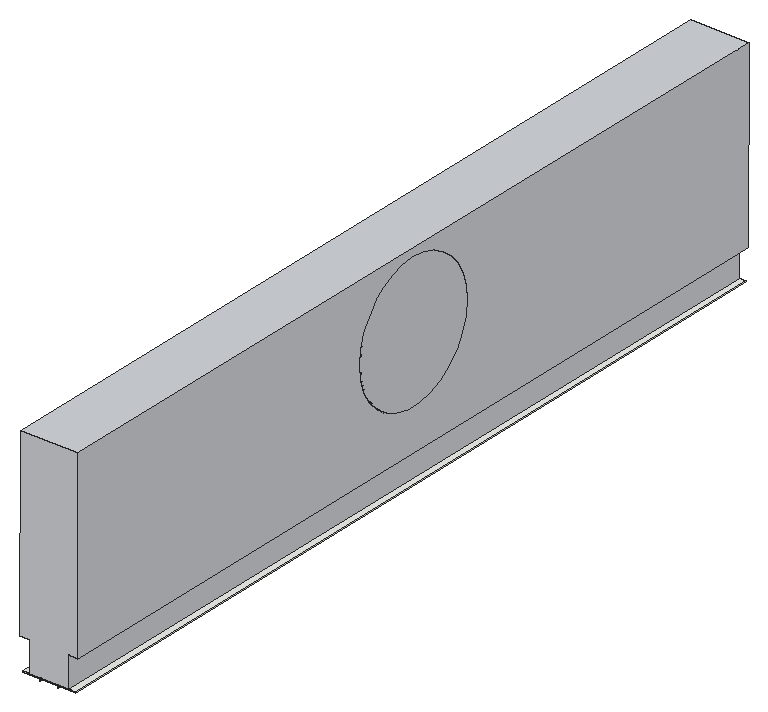
Revit family "MADEL_DIFFUSER_HIDDEN LINEAR_LOOK-CM+PLOK-CM (1.D1)_0", category Air Terminals, Revit 2015
Parameters (values of type "LOOK-CM+PLOK-CM 20x1000")
  n_factor = 27.054
  m_factor = 1.9026
  c_factor = 7.2288
  b_factor = -0.14546
  Vmin = 2.5 m/s  # constant formula
  Vmed = 3.5 m/s  # constant formula
  Vmax = 4.5 m/s  # constant formula
  V[m/s] [instance] = Q / Afree / 1.0 m/s  # 3.5
  URL = "http://www.madel.com/en/producto/look-hidden-linear-diffusers/"
  Standard = "UNE 23-727 M2/ NFP 92-501 M2/ DIN 4102 M2"  # constant formula
  Revit Version = "Revit 2015 - English"  # constant formula
  Review Date = "11/2016"  # constant formula
  RAL [instance] = ""
  R9010 [instance] = no
  R9005 [instance] = no
  R1 = D_Connector / 2  # 80.0 mm
  R [instance] = yes
  Q_conector [instance] = Q / 1  # 170.1 m³/h
  Q [instance] = 170.1 m³/h
  Product Type [instance] = Model  # "LOOK-CM+PLOK-CM 20x1000"
  Product Size = "20x1000"
  Product Reference [instance] = if(R, if(AIS, if(Nº Options = 4, if([(D)], if(AR, "LOOK-CM-AR+PLOK-CM-AIS-R (D)", if(ARD, "LOOK-CM-ARD+PLOK-CM-AIS-R (D)", if(INT, "LOOK-CM-INT+PLOK-CM-AIS-R (D)", if(ARI, "LOOK-CM-ARI+PLOK-CM-AIS-R (D)", "Consult Manufacturer")))), if([(PM)], if(AR, "LOOK-CM-AR+PLOK-CM-AIS-R (PM)", if(ARD, "LOOK-CM-ARD+PLOK-CM-AIS-R (PM)", if(INT, "LOOK-CM-INT+PLOK-CM-AIS-R (PM)", if(ARI, "LOOK-CM-ARI+PLOK-CM-AIS-R (PM)", "Consult Manufacturer")))), "Consult Manufacturer")), if(Nº Options = 3, if(AR, "LOOK-CM-AR+PLOK-CM-AIS-R", if(ARD, "LOOK-CM-ARD+PLOK-CM-AIS-R", if(INT, "LOOK-CM-INT+PLOK-CM-AIS-R", if(ARI, "LOOK-CM-ARI+PLOK-CM-AIS-R", "Consult Manufacturer")))), if(Nº Options = 2, "LOOK-CM+PLOK-CM-AIS-R", "Consult Manufacturer"))), if(Nº Options = 3, if([(D)], if(AR, "LOOK-CM-AR+PLOK-CM-R (D)", if(ARD, "LOOK-CM-ARD+PLOK-CM-R (D)", if(INT, "LOOK-CM-INT+PLOK-CM-R (D)", if(ARI, "LOOK-CM-ARI+PLOK-CM-R (D)", "Consult Manufacturer")))), if([(PM)], if(AR, "LOOK-CM-AR+PLOK-CM-R (PM)", if(ARD, "LOOK-CM-ARD+PLOK-CM-R (PM)", if(INT, "LOOK-CM-INT+PLOK-CM-R (PM)", if(ARI, "LOOK-CM-ARI+PLOK-CM-R (PM)", "Consult Manufacturer")))), "Consult Manufacturer")), if(Nº Options = 2, if(AR, "LOOK-CM-AR+PLOK-CM-R", if(ARD, "LOOK-CM-ARD+PLOK-CM-R", if(INT, "LOOK-CM-INT+PLOK-CM-R", if(ARI, "LOOK-CM-ARI+PLOK-CM-R", "Consult Manufacturer")))), if(Nº Options = 1, "LOOK-CM+PLOK-CM-R", "Consult Manufacturer")))), if(AIS, if(Nº Options = 3, if([(D)], if(AR, "LOOK-CM-AR+PLOK-CM-AIS (D)", if(ARD, "LOOK-CM-ARD+PLOK-CM-AIS (D)", if(INT, "LOOK-CM-INT+PLOK-CM-AIS (D)", if(ARI, "LOOK-CM-ARI+PLOK-CM-AIS (D)", "Consult Manufacturer")))), if([(PM)], if(AR, "LOOK-CM-AR+PLOK-CM-AIS (PM)", if(ARD, "LOOK-CM-ARD+PLOK-CM-AIS (PM)", if(INT, "LOOK-CM-INT+PLOK-CM-AIS (PM)", if(ARI, "LOOK-CM-ARI+PLOK-CM-AIS (PM)", "Consult Manufacturer")))), "Consult Manufacturer")), if(Nº Options = 2, if(AR, "LOOK-CM-AR+PLOK-CM-AIS", if(ARD, "LOOK-CM-ARD+PLOK-CM-AIS", if(INT, "LOOK-CM-INT+PLOK-CM-AIS", if(ARI, "LOOK-CM-ARI+PLOK-CM-AIS", "Consult Manufacturer")))), if(Nº Options = 1, "LOOK-CM+PLOK-CM-AIS", "Consult Manufacturer"))), if(Nº Options = 2, if([(D)], if(AR, "LOOK-CM-AR+PLOK-CM (D)", if(ARD, "LOOK-CM-ARD+PLOK-CM (D)", if(INT, "LOOK-CM-INT+PLOK-CM (D)", if(ARI, "LOOK-CM-ARI+PLOK-CM (D)", "Consult Manufacturer")))), if([(PM)], if(AR, "LOOK-CM-AR+PLOK-CM (PM)", if(ARD, "LOOK-CM-ARD+PLOK-CM (PM)", if(INT, "LOOK-CM-INT+PLOK-CM (PM)", if(ARI, "LOOK-CM-ARI+PLOK-CM (PM)", "Consult Manufacturer")))), "Consult Manufacturer")), if(Nº Options = 1, if(AR, "LOOK-CM-AR+PLOK-CM", if(ARD, "LOOK-CM-ARD+PLOK-CM", if(INT, "LOOK-CM-INT+PLOK-CM", if(ARI, "LOOK-CM-ARI+PLOK-CM", "Consult Manufacturer")))), if(Nº Options = 0, "LOOK-CM+PLOK-CM", "Consult Manufacturer")))))  # "LOOK-CM-AR+PLOK-CM-AIS-R"
  Plenum Connection Type = "Lateral"  # constant formula
  PLOK [instance] = 1 = 1  # yes
  Nº Plenum Connections = 1  # constant formula
  Nº Options [instance] = if(AR, 1, 0) + if(ARD, 1, 0) + if(INT, 1, 0) + if(ARI, 1, 0) + if(R, 1, 0) + if(AIS, 1, 0) + if([(D)], 1, 0) + if([(PM)], 1, 0)  # 3
  Nº Finishes [instance] = if(R9005, 1, 0) + if(R9010, 1, 0) + if(M9016, 1, 0)  # 1
  N = 69.0 mm
  Model = "LOOK-CM+PLOK-CM 20x1000"
  Material and finishes [instance] = if(and(R9005, Nº Finishes = 1), "R9005", if(and(R9010, Nº Finishes = 1), "R9010", if(and(M9016, Nº Finishes = 1), "M9016", if(Nº Finishes = 0, "Custom RAL", "Consult Manufacturer"))))  # "M9016"
  Material Plenum Box = none
  Material Difusser = MADEL_M9016
  Material Blades = MADEL_Negro Hueco
  M9016 [instance] = yes
  Lw (dB(A)) [instance] = n_factor * (log([V[m/s]]) / log(2.7183)) + c_factor  # 41.121
  L1 = L / 2  # 500.0 mm
  L = 1000.0 mm
  Type Image = <None>
  IfcExportType = "IfcAirTerminalType"  # constant formula
  IfcExportAs = "IfcAirTerminalType"  # constant formula
  INT [instance] = no
  H = 256.0 mm
  G_material = 1.2 mm
  G1 = 20.9 mm
  G = 34.8 mm
  Min Flow = Vmin * Afree  # 121.5 m³/h
  Max Flow = Vmax * Afree  # 218.7 m³/h
  Manufacturer = "MADEL"  # constant formula
  Family Version = "2.0"  # constant formula
  F = 36.0 mm
  E = 63.5 mm
  Description = "MADEL_Hidden linear diffusers"  # constant formula
  D_Connector = D1 + 2.0 mm  # 160.0 mm
  DPt [instance] = (10 ^ (log([V[m/s]]) * m_factor + b_factor)) * 1.0 Pa  # 7.75651 Pa
  D1 = 158.0 mm
  Type Comments = "The LOOK hidden linear diffusers are designed to combine the aesthetics with the technical performance. They can be mounted in false ceilings hiding the frame with filler and leaving visible only the slot. They allow the formation of diffuser continuous lines, with active and inactive areas, without breaking the uniformity of the whole."  # constant formula
  Created by = "BIMETRICAL"  # constant formula
  C = 47.0 mm
  BIMETRICAL Category = "AirTerminal"  # constant formula
  BIMETRICAL = "http://www.bimetrical.com"  # constant formula
  B = 20.0 mm
  Afree_factor = 0.0135 m²
  Afree = Afree_factor * L / 1000.0 mm  # 0.0135 m²
  ARI [instance] = no
  ARD [instance] = no
  AR [instance] = if(or(ARD, ARI, INT), 1 = 0, 1 = 1)  # yes
  AIS [instance] = yes
  A = 55.0 mm
  (PM) [instance] = no
  (D) [instance] = no
Types (8, lengths in mm): name | n_factor | m_factor | c_factor | b_factor | Q_conector | Q | Product Type | Product Size | N | Model | Lw (dB(A)) | L1 | L | H | G | Min Flow | Max Flow | F | E | DPt | C | B | Afree_factor | Afree | A
  LOOK-CM+PLOK-CM 20x500 | 27.054 | 1.9026 | 7.2288 | -0.14546 | 85.05 m³/h | 85.05 m³/h | "LOOK-CM+PLOK-CM 20x500" | "20x500" | 69.0 | "LOOK-CM+PLOK-CM 20x500" | 41.121 | 250.0 | 500.0 | 256.0 | 38.2 | 60.75 m³/h | 109.35 m³/h | 36.0 | 63.5 | 7.75651 Pa | 47.0 | 20.0 | 0.0135 m² | 0.00675 m² | 55.0
  LOOK-CM+PLOK-CM 30x500 | 28.103 | 1.8538 | 4.5734 | 0.14092 | 125.37 m³/h | 125.37 m³/h | "LOOK-CM+PLOK-CM 30x500" | "30x500" | 98.0 | "LOOK-CM+PLOK-CM 30x500" | 39.7798 | 250.0 | 500.0 | 256.0 | 45.2 | 89.55 m³/h | 161.19 m³/h | 42.0 | 97.3 | 14.1097 Pa | 76.0 | 30.0 | 0.0199 m² | 0.00995 m² | 84.0
  LOOK-CM+PLOK-CM 40x500 | 30.365 | 1.899 | 0.3225 | 0.36284 | 140.49 m³/h | 140.49 m³/h | "LOOK-CM+PLOK-CM 40x500" | "40x500" | 108.0 | "LOOK-CM+PLOK-CM 40x500" | 38.3626 | 250.0 | 500.0 | 256.0 | 45.2 | 100.35 m³/h | 180.63 m³/h | 42.0 | 107.3 | 24.8905 Pa | 86.0 | 40.0 | 0.0223 m² | 0.01115 m² | 94.0
  LOOK-CM+PLOK-CM 40x1000 | 30.365 | 1.899 | 0.3225 | 0.36284 | 280.98 m³/h | 280.98 m³/h | "LOOK-CM+PLOK-CM 40x1000" | "40x1000" | 108.0 | "LOOK-CM+PLOK-CM 40x1000" | 38.3626 | 500.0 | 1000.0 | 296.0 | 45.2 | 200.7 m³/h | 361.26 m³/h | 42.0 | 107.3 | 24.8905 Pa | 86.0 | 40.0 | 0.0223 m² | 0.0223 m² | 94.0
  LOOK-CM+PLOK-CM 20x1000 | 27.054 | 1.9026 | 7.2288 | -0.14546 | 170.1 m³/h | 170.1 m³/h | "LOOK-CM+PLOK-CM 20x1000" | "20x1000" | 69.0 | "LOOK-CM+PLOK-CM 20x1000" | 41.121 | 500.0 | 1000.0 | 256.0 | 34.8 | 121.5 m³/h | 218.7 m³/h | 36.0 | 63.5 | 7.75651 Pa | 47.0 | 20.0 | 0.0135 m² | 0.0135 m² | 55.0
  LOOK-CM+PLOK-CM 20x1500 | 27.054 | 1.9026 | 7.2288 | -0.14546 | 255.15 m³/h | 255.15 m³/h | "LOOK-CM+PLOK-CM 20x1500" | "20x1500" | 69.0 | "LOOK-CM+PLOK-CM 20x1500" | 41.121 | 750.0 | 1500.0 | 256.0 | 38.2 | 182.25 m³/h | 328.05 m³/h | 36.0 | 63.5 | 7.75651 Pa | 47.0 | 20.0 | 0.0135 m² | 0.02025 m² | 55.0
  LOOK-CM+PLOK-CM 30x1000 | 28.103 | 1.8538 | 4.5734 | 0.14092 | 250.74 m³/h | 250.74 m³/h | "LOOK-CM+PLOK-CM 30x1000" | "30x1000" | 98.0 | "LOOK-CM+PLOK-CM 30x1000" | 39.7798 | 500.0 | 1000.0 | 256.0 | 45.2 | 179.1 m³/h | 322.38 m³/h | 42.0 | 97.3 | 14.1097 Pa | 76.0 | 30.0 | 0.0199 m² | 0.0199 m² | 84.0
  LOOK-CM+PLOK-CM 30x1500 | 28.103 | 1.8538 | 4.5734 | 0.14092 | 376.11 m³/h | 376.11 m³/h | "LOOK-CM+PLOK-CM 30x1500" | "30x1500" | 98.0 | "LOOK-CM+PLOK-CM 30x1500" | 39.7798 | 750.0 | 1500.0 | 256.0 | 45.2 | 268.65 m³/h | 483.57 m³/h | 42.0 | 97.3 | 14.1097 Pa | 76.0 | 30.0 | 0.0199 m² | 0.02985 m² | 84.0
Reference planes
  plane 1 "Centro (Frontal/Posterior)": z = -1.2
  plane 2: y = 245
  plane 3 "Centro (Izquierda/Derecha)": x = 0
  plane 4: z = 0
  plane 5: z = 256
  plane 6: x = -34.5
  plane 7: x = 34.5
  plane 8: x = -20
  plane 9: x = 20
  plane 10: x = -23.5
  plane 11: x = 23.5
  plane 12: z = 20.9
  plane 13: z = 34.8
  plane 14: z = -3.4
  plane 15: x = -11.2
  plane 16: x = 11.2
  plane 17: y = -255
  plane 18: y = 745
  plane 19: x = -31.75
  plane 20: x = 31.75
  plane 21: y = 245
  plane 22: x = -20.5
  plane 23: x = 20.5
  plane 24: z = 36
  plane 25 "Linea simbolica 1": x = -10
  plane 26 "linea simbolica 2": x = 10
Forms (mm)
  Extrusion 1, solid, material "MADEL_M9016" <- "Material Difusser"
    sketch origin (0, 995, 5) x (1, 0, 0) y (0, 0, 1)
      loop
        line (-31.75, -6.2) -> (-11.2, -6.2) -> (-11.2, -8.4) -> (-10, -8.4) -> (-10, -5) -> (-31.75, -5) -> (-31.75, -6.2)
      loop
        line (31.75, -6.2) -> (31.75, -5) -> (10, -5) -> (10, -8.4) -> (11.2, -8.4) -> (11.2, -6.2) -> (31.75, -6.2)
    from 250 to 1250
  Extrusion 2, solid, material <- "Material Plenum Box"
    sketch origin (0, 995, 5) x (1, 0, 0) y (0, 0, 1)
      loop
        line (-34.5, 251) -> (-34.5, 31) -> (-23.5, 31) -> (-23.5, -5) -> (23.5, -5) -> (23.5, 31) -> (34.5, 31) -> (34.5, 251) -> (-34.5, 251)
    from 250 to 1250
  Extrusion 3, solid, material <- "Material Plenum Box"
    sketch origin (30.494, -21.859, 2) x (0, 1, 0) y (0, 0, 1)
      loop
        circle (266.859, 164) r 80
    from 4.006 to -0.994
  Extrusion 4, solid, material "MADEL_Negro Hueco" <- "Material Blades"
    sketch origin (0, 0, 0) x (1, 0, 0) y (0, 1, 0)
      loop
        line (-10, 745) -> (-10, -255) -> (10, -255) -> (10, 745) -> (-10, 745)
    from -1.2 to 0
  Extrusion 5, solid, material "MADEL_M9016" <- "Material Difusser", not visible
    sketch origin (0, 245, 5) x (1, 0, 0) y (0, 0, 1)
      loop
        line (-23.5, -5) -> (23.5, -5) -> (23.5, 15.9) -> (20.5, 15.9) -> (20.5, 29.8) -> (-20.5, 29.8) -> (-20.5, 15.9) -> (-23.5, 15.9) -> (-23.5, -5)
    from -500 to 500
Lines and regions (mm)
  symbolic lines
    curve 1: line (-10, -255, 0) -> (-10, 745, 0)
    curve 2: line (10, -255, 0) -> (10, 745, 0)
    curve 3: line (31.75, 745, 0) -> (-34.5, 745, 0)
    curve 4: line (31.75, -255, 0) -> (31.75, 745, 0)
    curve 5: line (-34.5, -255, 0) -> (31.75, -255, 0)
    curve 6: line (-34.5, 745, 0) -> (-34.5, -255, 0)
Dimensions and locks
  Extrusion 1 sketch curve to Extrusion 1 sketch curve = 1.2 mm  (x3)
  "G_material": plane 4 to plane 1 "Centro (Frontal/Posterior)"
  plane 1 "Centro (Frontal/Posterior)" to plane 14 = 2.2 mm
  "G": plane 13 to level
  "G1": plane 12 to plane 4
  Extrusion 3 to Extrusion 2 = 0.0 mm
  equal spacing: plane 17, plane 2, plane 18
  "L": plane 17 to plane 18
  locked: Extrusion 3 to Extrusion 3 at 5
  equal spacing: plane 11, plane 3 "Centro (Izquierda/Derecha)", plane 10
  equal spacing: plane 20, plane 3 "Centro (Izquierda/Derecha)", plane 19
  equal spacing: plane 9, plane 3 "Centro (Izquierda/Derecha)", plane 8
  "C": plane 11 to plane 10
  "E": plane 20 to plane 19
  equal spacing: plane 7, plane 3 "Centro (Izquierda/Derecha)", plane 6
  "N": plane 7 to plane 6
  "H": plane 5 to plane 4
  equal spacing: plane 23, plane 3 "Centro (Izquierda/Derecha)", plane 22
  locked: plane 22 to plane 10 at 3
  "F": plane 24 to plane 4
  locked: plane 5 to Extrusion 3 sketch curve at 10
  "B": plane 25 "Linea simbolica 1" to plane 26 "linea simbolica 2"
  "G_material": plane 15 to plane 25 "Linea simbolica 1"
  "G_material": plane 16 to plane 26 "linea simbolica 2"
  equal spacing: plane 25 "Linea simbolica 1", plane 3 "Centro (Izquierda/Derecha)", plane 26 "linea simbolica 2"
  "L1": plane 17 to plane 21
  "R1": radius of Extrusion 3 sketch curve
  aligned and locked: Extrusion 2 to plane 6  (x2)
  aligned and locked: Extrusion 2 to plane 7
  aligned and locked: Extrusion 2 to plane 5
  aligned and locked: plane 18 to Extrusion 2
  aligned and locked: Extrusion 2 to plane 17
  aligned and locked: plane 7 to Extrusion 3
  aligned and locked: plane 7 to Extrusion 2
  aligned and locked: plane 5 to Extrusion 2
  aligned and locked: plane 16 to Extrusion 1
  aligned and locked: Extrusion 1 to plane 17
  aligned and locked: plane 18 to Extrusion 1
  aligned and locked: plane 1 "Centro (Frontal/Posterior)" to Extrusion 1
  aligned and locked: plane 4 to Extrusion 1
  aligned and locked: Extrusion 2 to plane 24
  aligned and locked: Extrusion 1 to plane 20
  aligned and locked: Extrusion 1 to plane 19
  aligned and locked: curve 1 to plane 25 "Linea simbolica 1"
  aligned and locked: plane 26 "linea simbolica 2" to curve 2
  aligned and locked: Extrusion 1 to plane 25 "Linea simbolica 1"
  aligned and locked: Extrusion 1 to plane 26 "linea simbolica 2"
  aligned and locked: Extrusion 1 to plane 14  (x2)
  aligned and locked: Extrusion 4 sketch curve to plane 18
  aligned and locked: Extrusion 4 sketch curve to Extrusion 1  (x2)
  aligned and locked: plane 17 to Extrusion 4 sketch curve
  aligned and locked: plane 1 "Centro (Frontal/Posterior)" to Extrusion 4
  aligned and locked: level to Extrusion 4
  aligned and locked: Extrusion 1 sketch curve to plane 4
  aligned and locked: Extrusion 5 sketch curve to plane 12  (x2)
  aligned and locked: plane 10 to Extrusion 5 sketch curve
  aligned and locked: Extrusion 5 sketch curve to plane 11
  aligned and locked: plane 4 to Extrusion 5 sketch curve
  aligned and locked: Extrusion 5 to plane 17
  aligned and locked: plane 18 to Extrusion 5
  aligned and locked: Extrusion 5 to plane 22
  aligned and locked: plane 23 to Extrusion 5
  aligned and locked: Extrusion 5 sketch curve to plane 13
  aligned and locked: plane 24 to Extrusion 2 sketch curve  (x2)
  aligned and locked: Extrusion 2 sketch curve to plane 4
  aligned and locked: Extrusion 2 to curve 3
  aligned and locked: curve 5 to Extrusion 2
  aligned and locked: curve 6 to Extrusion 2
  aligned and locked: curve 4 to plane 20
Automatic sketch dimensions
  Extrusion 2 sketch curve to plane 6 = 0.0 mm
  Extrusion 2 sketch curve to plane 7 = 0.0 mm
  Extrusion 2 sketch curve to plane 5 = 0.0 mm
  Extrusion 1 sketch curve to plane 19 = 0.0 mm
  Extrusion 1 sketch curve to plane 15 = 0.0 mm
  Extrusion 1 sketch curve to plane 14 = 0.0 mm  (x2)
  Extrusion 1 sketch curve to plane 26 "linea simbolica 2" = 0.0 mm
  plane 20 to Extrusion 1 sketch curve = 0.0 mm
  Extrusion 1 sketch curve to plane 1 "Centro (Frontal/Posterior)" = 0.0 mm
  Extrusion 1 sketch curve to level = 0.0 mm
  Extrusion 5 sketch curve to plane 22 = 0.0 mm
  plane 9 to Extrusion 5 sketch curve = 0.5 mm
  Extrusion 2 sketch curve to plane 10 = 0.0 mm
  plane 11 to Extrusion 2 sketch curve = 0.0 mm
  Extrusion 3 sketch curve to plane 2 = 0.0 mm
Connectors
  hvac at (34.5, 245, 166), driven by "R1", driven by "DPt", driven by "Q_conector"
    settings: on Extrusion 3, index 1, duct flow 170.1 m³/h, flow factor 0, pres drop 7.75651 Pa, loss coef 0, conn angle 0.00°, conn width 304.8 mm, conn height 304.8 mm, conn diameter 160 mm, duct sys type 1, conn prof type 0, flow config 1, flow direction 1, loss method 4, conn ref index -1, conn util no, is conn primary yes, conn desc ""
